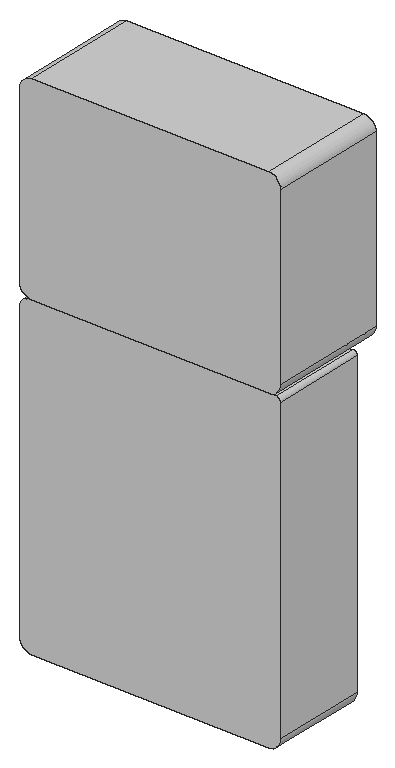
Revit family "Building-IEC309Boards-GEWISS-68QDIN-DISTRIBUTION-BOARD-10MOD_4SOCKET-OUTLETS", category Attrezzatura elettrica, host Muro, Revit 2016
Family settings
  Host = Muro
  Configurazione quadro = Due colonne, circuiti in orizzontale
  Tipo di parte = Pannello comandi
  Quota connettore circolare = Usa diametro
  Numero OmniClass = 23.80.30.11.17
  Titolo OmniClass = Distribution Boards and Control Panels
  Sempre verticale = Sì
  Taglio con vuoti quando caricato = No
  Condiviso = No
  Punto di calcolo locali = No
Parameters (values of type "GW68003N - Q-DIN 10M 4 FLANGES S.O.16/32A IP65")
  potenza = 400 V
  Voltaggio = "400V"
  Vista di pianta [instance] = yes
  Vetro = GEWISS - vetro
  Version type = "Empty"
  Version file RFA = "18.0"
  URL = "https://www.gewiss.com/ww/en"
  Thermo-pressure with ball = "70 °C"
  Technical sheet = "https://www.gewiss.com/ww/en/search?q=GW68003N"
  Struttura = GEWISS - Grigio RAL - 7035
  Simbolo [instance] = yes
  Shock resistance = "IK08"
  SEO = "Board"
  Realized by GEWISS S.p.A. = ""
  Produttore = "GEWISS S.p.A."
  Presa = GEWISS - Grigio RAL - 7035
  Operating temperature: = "-25 +40 °C"
  Offset etichetta nome quadro [instance] = 125 mm
  Numero di poli = 3
  Panel Name [instance] = "NOME"
  No. of provided blank lids = "1 IEC 309 16A+1 16/32A"
  No. of modules EN 50022 = "10"
  Modello = "GW68003N"
  Insulation class = "II"
  Installation type = "Surface-mounting"
  Immagine tipo = GW68003N.jpg
  IP degree = "IP65"
  IFC.TypeObject = ""
  IFC.ExportType = ""
  IFC.ExportAs = ""
  IDT = "5c934acf-8a0f-4a84-b3af-3ec691fdcb62"
  IDF = "68fd7d4e-4812-4623-803a-9a5a20fe433f"
  Houseable socket = "2 IEC 16A + 2 IEC 16/32A"
  H_da terra = 500 mm
  Glow Wire Test = "650°C"
  Electrocod = "2242"
  ETICHETTA NOME QUADRO [instance] = yes
  EAN code = "8011564744745"
  Distanza dal muro [instance] = 0 mm
  Dist_simbolo orizz. [instance] = 0 mm
  Dispersible power B (W) = "42"
  Dispersible power A (W) = "16"
  Descrizione = "Q-DIN 10M 4 FLANGES S.O.16/32A IP65"
  Cornice simbolo [instance] = no
  Colour = "Grey RAL 7035"
  Classificazione carico = Altro
  Catalogue Range = "68 QDIN"
  Catalogue = "BUILDING"
  Carico apparente = 0 VA
  COBie.Tagnumber = ""
  COBie.CreatedOn = ""
  COBie.CreatebBy = ""
  COBie.ComponentRegisterItemID = ""
  COBie.Component.TagNumber = ""
  COBie.Component.Space = ""
  COBie.Component.SerialNumber = ""
  COBie.Component.InstallationDate = ""
  COBie.Component.Description = ""
  COBie.Component.BarCode = ""
  Accordance with Standards = "EN 60208 - EN 60670-1 - IEC 60670-24"
Reference planes
  plane 1 "Muro": y = 0
  plane 2 "Centro (Sinistra/Destra)": x = 125
  plane 3 "Indietro": y = 75
  plane 4: z = 500
  plane 5: y = 200
  plane 6: x = 125
Lines and regions (mm)
  Masking region 1, visible <- "Vista di pianta"
    outline origin (0, 0, 0) x (1, 0, 0) y (0, 1, 0)
      loop
        line (15, 175) -> (15, 75) -> (235, 75) -> (235, 175) -> (15, 175)
  Masking region 2
    outline origin (125, 0, 0) x (0, 1, 0) y (0, 0, 1)
      loop
        line (175, 333) -> (175, 500) -> (75, 500) -> (75, 333) -> (175, 333)
  Masking region 3
    outline origin (125, 0, 0) x (0, 1, 0) y (0, 0, 1)
      loop
        line (75, 333) -> (75, 65) -> (155.196, 65) -> (155.196, 333) -> (75, 333)
Text (mm)
  text "Lato posizionamento" at (-1848.837, 1116.779, 0), in view "Livello rif."
  text "Lato posizionamento" at (0, 1409.804, 2854.306), in view "Sinistra"
  text "Lato posizionamento" at (0, 499.811, 2980.732), in view "Destra"
Dimensions and locks
  locked: plane 3 "Indietro" to host wall
  "H_da terra": level to plane 4
  "Dist_simbolo orizz.": plane 6 to plane 2 "Centro (Sinistra/Destra)"
  "Offset etichetta nome quadro": plane 5 to plane 3 "Indietro"
  aligned and locked: plane 1 "Muro" to host wall
  aligned and locked: nested 1 to plane 3 "Indietro"
  aligned and locked: plane 4 to nested 1
  aligned and locked: plane 6 to nested 3
  aligned and locked: nested 2 to plane 5
  aligned and locked: Masking region 1 sketch curve to nested 1  (x4)
  aligned and locked: Masking region 2 sketch curve to nested 1  (x3)
  aligned and locked: nested 1 to Masking region 2 sketch curve
  aligned and locked: Masking region 3 sketch curve to nested 1  (x2)
  aligned and locked: plane 2 "Centro (Sinistra/Destra)" to nested 2
  aligned and locked: plane 2 "Centro (Sinistra/Destra)" to nested 4
  aligned and locked: nested 4 to nested 1
  aligned and locked: plane 3 "Indietro" to nested 1
Automatic sketch dimensions
  host wall to Masking region 3 sketch curve = 80.196 mm
  Masking region 3 sketch curve to plane 4 = 167 mm
Nested families
  nested 1: "QDIN10 QUADRO  X 4 PRESE IND" at (125, 75, -521.883) x (-1, 0, 0) z (0, 0, 1), type "QDIN10 QUADRO  X 4 PRESE IND"
  nested 2: "NOME QUADRO" at (125, 200, 0), TXT <- "Panel Name", visible <- "ETICHETTA NOME QUADRO", type "NOME QUADRO"
    with TXT "NOME"
  nested 3: "CENTRALINO" at (125, 96.998, 0), BORDO ACCESO <- "Cornice simbolo", SIMBOLO ACCESO <- "Simbolo", Distanza dal muro <- "Distanza dal muro", type "CENTRALINO"
    with SIMBOLO ACCESO yes, Distanza dal muro 0 mm, BORDO ACCESO no
  nested 4: "2D - QDIN10 X4  PRESE IND" at (125, 0, 65) x (1, 0, 0) z (0, -1, 0), type "BIDIMENSIONALE"
Connectors
  electrical at (125, 115.098, 65), driven by "Numero di poli", driven by "potenza", driven by "Carico apparente"
    settings: on nested 1, index 1, voltage 400 V, apparent load 0 VA, apparent load phase1 0 VA, apparent load phase2 0 VA, apparent load phase3 0 VA, power factor 1, load classification "Altro", number of poles 3, system type 31, power factor state 1, is connector primary yes, connector utility no, sub classification motor no, connector description ""
Definition of nested family "QDIN10 QUADRO  X 4 PRESE IND"
  Parameters (values of type "QDIN10 QUADRO  X 4 PRESE IND")
    Vetro = none
    Struttura = none
    Spessore = 160 mm
    Default Elevation = 14 mm
    Presa = none
    Lunghezza = 220 mm
    IFC.TypeObject = ""
    IFC.ExportType = ""
    IFC.ExportAs = ""
    H_da terra = 586.883 mm
    COBie.CreatedOn = ""
    COBie.CreatebBy = ""
    COBie.ComponentRegisterItemID = ""
    COBie.Component.TagNumber = ""
    COBie.Component.Space = ""
    COBie.Component.SerialNumber = ""
    COBie.Component.InstallationDate = ""
    COBie.Component.Description = ""
    COBie.Component.BarCode = ""
    Altezza = 435 mm
  Reference planes
    plane 1 "Centro (Fronte/Retro)": y = 0
    plane 2: z = 0
    plane 3 "Centro (Sinistra/Destra)": x = 0
    plane 4 "s": y = -100
    plane 5: z = 586.883
    plane 6: z = 1021.883
    plane 7: x = -110
    plane 8: x = 110
    plane 9: z = 854.883
    plane 10: y = -80.196
    plane 11: z = 834.178
    plane 12: x = 95.006
    plane 13: z = 613.149
    plane 14: x = -95.006
    plane 15: x = -107.597
    plane 16: x = 107.589
    plane 17: z = 864.383
    plane 18: z = 983.347
    plane 19: y = -46.089
    plane 20: y = -87.126
    plane 21: x = 12.5
    plane 22: x = -12.5
    plane 23: z = 735.855
    plane 24: z = 713.097
  Forms (mm)
    Extrusion 1, solid, material <- "Struttura"
      sketch origin (0, 0, 0) x (1, 0, 0) y (0, 0, 1)
        loop
          arc (-100, 1021.883) -> (-107.071, 1018.954) -> (-110, 1011.883) r 10
          line (-110, 1011.883) -> (-110, 864.883)
          arc (-110, 864.883) -> (-107.071, 857.812) -> (-100, 854.883) r 10
          line (-100, 854.883) -> (100, 854.883)
          arc (100, 854.883) -> (107.071, 857.812) -> (110, 864.883) r 10
          line (110, 864.883) -> (110, 1011.883)
          arc (110, 1011.883) -> (107.071, 1018.954) -> (100, 1021.883) r 10
          line (100, 1021.883) -> (-100, 1021.883)
      from 0 to 100
    Extrusion 2, solid, material <- "Struttura"
      sketch origin (0, 0, 0) x (1, 0, 0) y (0, 0, 1)
        loop
          line (102.45, 854.883) -> (-106.38, 854.883)
          arc (-106.38, 854.883) -> (-108.94, 853.823) -> (-110, 851.263) r 3.62
          line (-110, 851.263) -> (-110, 596.883)
          arc (-110, 596.883) -> (-107.071, 589.812) -> (-100, 586.883) r 10
          line (-100, 586.883) -> (100, 586.883)
          arc (100, 586.883) -> (107.071, 589.812) -> (110, 596.883) r 10
          line (110, 596.883) -> (110, 847.333)
          arc (110, 847.333) -> (107.789, 852.672) -> (102.45, 854.883) r 7.55
      from 0 to 80.196
    Extrusion 3, void
      sketch origin (0, 0, 0) x (1, 0, 0) y (0, 0, 1)
        loop
          line (-107.597, 983.347) -> (-107.597, 864.383) -> (107.589, 864.383) -> (107.589, 983.347) -> (-107.597, 983.347)
      from 46.089 to 100
    Extrusion 4, solid, material <- "Vetro", detail levels fine
      sketch origin (0, 0, 0) x (1, 0, 0) y (0, 0, 1)
        loop
          line (-107.597, 983.347) -> (-107.597, 864.383) -> (107.589, 864.383) -> (107.589, 983.347) -> (-107.597, 983.347)
      from 87.126 to 100
    Extrusion 5, solid, detail levels fine
      sketch origin (0, 0, 0) x (1, 0, 0) y (0, 0, 1)
        loop
          line (-95.006, 834.178) -> (-95.006, 735.855) -> (-12.5, 735.855) -> (-12.5, 834.178) -> (-95.006, 834.178)
        loop
          line (12.5, 834.178) -> (12.5, 735.855) -> (95.006, 735.855) -> (95.006, 834.178) -> (12.5, 834.178)
        loop
          line (-95.006, 713.097) -> (-95.006, 613.149) -> (-12.5, 613.149) -> (-12.5, 713.097) -> (-95.006, 713.097)
        loop
          line (12.5, 713.097) -> (12.5, 613.149) -> (95.006, 613.149) -> (95.006, 713.097) -> (12.5, 713.097)
      from 80.196 to 87.126
  Cuts and joins
    Extrusion 3 cuts Extrusion 1
  Dimensions and locks
    plane 4 "s" to plane 1 "Centro (Fronte/Retro)" = 100 mm  (x2)
    "H_da terra": plane 5 to level
    equal spacing: plane 7, plane 3 "Centro (Sinistra/Destra)", plane 8
    "Lunghezza": plane 7 to plane 8
    locked: plane 4 "s" to plane 10 at 19.804
    locked: plane 12 to plane 8 at 14.994
    locked: plane 13 to plane 5 at 26.266
    locked: plane 14 to plane 7 at 14.994
    locked: plane 6 to plane 18 at 38.537
    locked: plane 17 to plane 9 at 9.5
    locked: plane 7 to plane 15 at 2.403
    locked: plane 16 to plane 8 at 2.411
    locked: plane 4 "s" to plane 19 at 53.911
    locked: plane 4 "s" to plane 20 at 12.874
    locked: plane 9 to plane 11 at 20.705
    "Altezza": plane 6 to plane 5
    locked: plane 18 to plane 17 at 118.963
    equal spacing: plane 21, plane 3 "Centro (Sinistra/Destra)", plane 22
    plane 21 to plane 22 = 25 mm
    locked: plane 23 to plane 24 at 22.758
    plane 5 to Extrusion 5 = 247.295 mm
    aligned and locked: level to plane 2
    aligned and locked: Extrusion 1 sketch curve to plane 6
    aligned and locked: Extrusion 1 sketch curve to plane 8
    aligned and locked: Extrusion 1 sketch curve to plane 7
    aligned and locked: plane 9 to Extrusion 1 sketch curve
    aligned and locked: Extrusion 1 to plane 4 "s"
    aligned and locked: Extrusion 2 sketch curve to plane 9
    aligned and locked: Extrusion 2 sketch curve to plane 8
    aligned and locked: Extrusion 2 sketch curve to plane 7
    aligned and locked: Extrusion 2 sketch curve to plane 5
    aligned and locked: Extrusion 2 to plane 10
    aligned and locked: Extrusion 3 sketch curve to plane 18
    aligned and locked: Extrusion 3 sketch curve to plane 16
    aligned and locked: Extrusion 3 sketch curve to plane 15
    aligned and locked: Extrusion 3 sketch curve to plane 17
    aligned and locked: plane 19 to cut or joined group of Extrusion 1, Extrusion 3
    aligned and locked: Extrusion 3 to plane 4 "s"
    aligned and locked: Extrusion 4 sketch curve to plane 18
    aligned and locked: Extrusion 4 sketch curve to plane 16
    aligned and locked: Extrusion 4 sketch curve to plane 17
    aligned and locked: Extrusion 4 sketch curve to plane 15
    aligned and locked: Extrusion 4 to plane 4 "s"
    aligned and locked: plane 20 to Extrusion 4
    aligned and locked: plane 12 to Extrusion 5
    aligned and locked: Extrusion 5 to plane 14
    aligned and locked: Extrusion 5 sketch curve to plane 22  (x2)
    aligned and locked: plane 21 to Extrusion 5 sketch curve
    aligned and locked: Extrusion 5 sketch curve to plane 11  (x2)
    aligned and locked: Extrusion 5 sketch curve to plane 23  (x2)
    aligned and locked: Extrusion 5 sketch curve to plane 24  (x2)
    aligned and locked: Extrusion 5 sketch curve to plane 13  (x2)
    aligned and locked: plane 10 to Extrusion 5
    aligned and locked: Extrusion 5 to plane 20
  Automatic sketch dimensions
    Extrusion 1 sketch curve to Extrusion 1 sketch curve = 10 mm  (x2)
    Extrusion 1 sketch curve to plane 7 = 10 mm
    plane 8 to Extrusion 1 sketch curve = 10 mm
    Extrusion 2 sketch curve to Extrusion 2 sketch curve = 3.62 mm
    Extrusion 2 sketch curve to plane 7 = 10 mm
    Extrusion 2 sketch curve to Extrusion 2 sketch curve = 10 mm
    plane 8 to Extrusion 2 sketch curve = 7.55 mm
    Extrusion 5 sketch curve to plane 15 = 12.591 mm
    Extrusion 5 sketch curve to plane 14 = 0 mm
    Extrusion 5 sketch curve to plane 21 = 0 mm
    plane 16 to Extrusion 5 sketch curve = 12.583 mm  (x2)
Definition of nested family "NOME QUADRO"
  Parameters (values of type "NOME QUADRO")
    TXT [instance] = ""
  Reference planes
    plane 1: y = 0
    plane 2: x = 0
  Text (mm)
    label "NOME QUADRO" at (0.217, 0.029, 0), shows "TXT"
Definition of nested family "CENTRALINO"
  Parameters (values of type "CENTRALINO")
    SIMBOLO ACCESO [instance] = yes
    Distanza dal muro [instance] = 0 mm
    BORDO ACCESO [instance] = yes
  Reference planes
    plane 1: y = 0
    plane 2: x = 0
  Dimensions and locks
    "Distanza dal muro": plane 1 to nested 1
    aligned and locked: plane 2 to nested 1
  Nested families
    nested 1: "CENTRALINO_BASE" at (0, 0, 0), BORDO ACCESO <- "BORDO ACCESO", visible <- "SIMBOLO ACCESO", type "CENTRALINO"
      with BORDO ACCESO yes
  Definition of nested family "CENTRALINO_BASE"
    Parameters (values of type "CENTRALINO")
      Distanza dal muro = 0 mm
      BORDO ACCESO [instance] = yes
    Reference planes
      plane 1: y = 0
      plane 2: x = 0
    Lines and regions (mm)
      detail lines, visible <- "BORDO ACCESO", not visible
        curve 1: line (-2.443, 10.208, 0) -> (2.057, 10.208, 0)
        curve 2: line (2.057, 10.208, 0) -> (2.057, 4.208, 0)
        curve 3: line (2.057, 4.208, 0) -> (-2.443, 4.208, 0)
        curve 4: line (-2.443, 4.208, 0) -> (-2.443, 10.208, 0)
        curve 5: line (-2.043, 9.808, 0) -> (1.657, 9.808, 0)
        curve 6: line (1.657, 9.808, 0) -> (1.657, 4.608, 0)
        curve 7: line (1.657, 4.608, 0) -> (-2.043, 4.608, 0)
        curve 8: line (-2.043, 4.608, 0) -> (-2.043, 9.808, 0)
      detail lines
        curve 9: line (0, 0.905, 0) -> (0, 0.235, 0)
        curve 10: line (0.659, 0.905, 0) -> (0.659, 1.564, 0)
        curve 11: line (0.659, 1.564, 0) -> (-0.659, 1.564, 0)
        curve 12: line (-0.659, 1.564, 0) -> (-0.659, 0.905, 0)
        curve 13: line (-0.659, 0.905, 0) -> (0.659, 0.905, 0)
        curve 14: line (0.497, 1.564, 0) -> (0.497, 2.235, 0)
        curve 15: line (0.167, 1.564, 0) -> (0.167, 2.235, 0)
        curve 16: line (-0.162, 1.564, 0) -> (-0.162, 2.235, 0)
        curve 17: line (-0.491, 1.564, 0) -> (-0.491, 2.235, 0)
Definition of nested family "2D - QDIN10 X4  PRESE IND"
  Reference planes
    plane 1 "Centro (Fronte/Retro)": y = 0
    plane 2: z = 0
    plane 3 "Centro (Sinistra/Destra)": x = 0
  Lines and regions (mm)
    model lines, in view "Livello rif."
      curve 1: line (-82.336, 234.778, 0) -> (-81.038, 234.43, 0)
      curve 2: line (-81.038, 234.43, 0) -> (-80.087, 233.48, 0)
      curve 3: line (-80.087, 233.48, 0) -> (-79.74, 232.182, 0)
      curve 4: line (-79.74, 232.182, 0) -> (-80.087, 230.884, 0)
      curve 5: line (-80.087, 230.884, 0) -> (-81.038, 229.933, 0)
      curve 6: line (-81.038, 229.933, 0) -> (-82.336, 229.585, 0)
      curve 7: line (-82.336, 229.585, 0) -> (-83.634, 229.933, 0)
      curve 8: line (-83.634, 229.933, 0) -> (-84.584, 230.884, 0)
      curve 9: line (-84.584, 230.884, 0) -> (-84.932, 232.182, 0)
      curve 10: line (-84.932, 232.182, 0) -> (-84.584, 233.48, 0)
      curve 11: line (-84.584, 233.48, 0) -> (-83.634, 234.43, 0)
      curve 12: line (-83.634, 234.43, 0) -> (-82.336, 234.778, 0)
      curve 13: line (-12.674, 153.516, 0) -> (-12.674, 234.251, 0)
      curve 14: line (-12.674, 234.251, 0) -> (-13.191, 236.914, 0)
      curve 15: line (-13.191, 236.914, 0) -> (-14.761, 239.288, 0)
      curve 16: line (-14.761, 239.288, 0) -> (-16.919, 240.767, 0)
      curve 17: line (-16.919, 240.767, 0) -> (-19.797, 241.375, 0)
      curve 18: line (-19.797, 241.375, 0) -> (-85.553, 241.375, 0)
      curve 19: line (-85.553, 241.375, 0) -> (-88.432, 240.767, 0)
      curve 20: line (-88.432, 240.767, 0) -> (-90.59, 239.288, 0)
      curve 21: line (-90.59, 239.288, 0) -> (-92.16, 236.914, 0)
      curve 22: line (-92.16, 236.914, 0) -> (-92.676, 234.251, 0)
      curve 23: line (-92.676, 234.251, 0) -> (-92.676, 153.516, 0)
      curve 24: line (-92.676, 153.516, 0) -> (-92.16, 150.854, 0)
      curve 25: line (-92.16, 150.854, 0) -> (-90.59, 148.48, 0)
      curve 26: line (-90.59, 148.48, 0) -> (-88.432, 147.001, 0)
      curve 27: line (-88.432, 147.001, 0) -> (-85.553, 146.393, 0)
      curve 28: line (-85.553, 146.393, 0) -> (-19.797, 146.393, 0)
      curve 29: line (-19.797, 146.393, 0) -> (-16.919, 147.001, 0)
      curve 30: line (-16.919, 147.001, 0) -> (-14.761, 148.48, 0)
      curve 31: line (-14.761, 148.48, 0) -> (-13.191, 150.854, 0)
      curve 32: line (-13.191, 150.854, 0) -> (-12.674, 153.516, 0)
      curve 33: line (102.291, 272.167, 0) -> (102.153, 271.436, 0)
      curve 34: line (102.153, 271.436, 0) -> (101.706, 270.752, 0)
      curve 35: line (101.706, 270.752, 0) -> (101.208, 270.389, 0)
      curve 36: line (101.208, 270.389, 0) -> (100.29, 270.168, 0)
      curve 37: line (100.29, 270.168, 0) -> (-100.29, 270.168, 0)
      curve 38: line (-100.29, 270.168, 0) -> (-101.208, 270.389, 0)
      curve 39: line (-101.208, 270.389, 0) -> (-101.706, 270.752, 0)
      curve 40: line (-101.706, 270.752, 0) -> (-102.153, 271.436, 0)
      curve 41: line (-102.153, 271.436, 0) -> (-102.291, 272.167, 0)
      curve 42: line (-102.291, 272.167, 0) -> (-102.291, 385.799, 0)
      curve 43: line (-102.291, 385.799, 0) -> (-102.153, 386.53, 0)
      curve 44: line (-102.153, 386.53, 0) -> (-101.706, 387.214, 0)
      curve 45: line (-101.706, 387.214, 0) -> (-101.208, 387.577, 0)
      curve 46: line (-101.208, 387.577, 0) -> (-100.291, 387.799, 0)
      curve 47: line (-100.291, 387.799, 0) -> (100.291, 387.799, 0)
      curve 48: line (100.291, 387.799, 0) -> (101.208, 387.577, 0)
      curve 49: line (101.208, 387.577, 0) -> (101.706, 387.214, 0)
      curve 50: line (101.706, 387.214, 0) -> (102.153, 386.53, 0)
      curve 51: line (102.153, 386.53, 0) -> (102.291, 385.799, 0)
      curve 52: line (-94.702, 0, 0) -> (94.702, 0, 0)
      curve 53: line (-90, 362.5, 0) -> (90, 362.5, 0)
      curve 54: line (90, 362.5, 0) -> (90, 317.5, 0)
      curve 55: line (90, 317.5, 0) -> (-90, 317.5, 0)
      curve 56: line (-90, 317.5, 0) -> (-90, 362.5, 0)
      curve 57: line (-102.291, 294.334, 0) -> (102.291, 294.334, 0)
      curve 58: line (102.291, 385.799, 0) -> (102.291, 272.167, 0)
      curve 59: line (95, 0, 0) -> (99.387, 0.656, 0)
      curve 60: line (99.387, 0.656, 0) -> (102.763, 2.165, 0)
      curve 61: line (102.763, 2.165, 0) -> (105.607, 4.393, 0)
      curve 62: line (105.607, 4.393, 0) -> (108.144, 7.773, 0)
      curve 63: line (108.144, 7.773, 0) -> (109.451, 10.981, 0)
      curve 64: line (109.451, 10.981, 0) -> (110, 15, 0)
      curve 65: line (110, 15, 0) -> (110, 420, 0)
      curve 66: line (110, 420, 0) -> (109.451, 424.019, 0)
      curve 67: line (109.451, 424.019, 0) -> (108.144, 427.227, 0)
      curve 68: line (108.144, 427.227, 0) -> (105.607, 430.607, 0)
      curve 69: line (105.607, 430.607, 0) -> (102.763, 432.835, 0)
      curve 70: line (102.763, 432.835, 0) -> (99.387, 434.344, 0)
      curve 71: line (99.387, 434.344, 0) -> (95, 435, 0)
      curve 72: line (95, 435, 0) -> (-95, 435, 0)
      curve 73: line (-95, 435, 0) -> (-99.387, 434.344, 0)
      curve 74: line (-99.387, 434.344, 0) -> (-102.763, 432.835, 0)
      curve 75: line (-102.763, 432.835, 0) -> (-105.607, 430.607, 0)
      curve 76: line (-105.607, 430.607, 0) -> (-108.144, 427.227, 0)
      curve 77: line (-108.144, 427.227, 0) -> (-109.451, 424.019, 0)
      curve 78: line (-109.451, 424.019, 0) -> (-110, 420, 0)
      curve 79: line (-110, 420, 0) -> (-110, 15, 0)
      curve 80: line (-110, 15, 0) -> (-109.451, 10.981, 0)
      curve 81: line (-109.451, 10.981, 0) -> (-108.144, 7.773, 0)
      curve 82: line (-108.144, 7.773, 0) -> (-105.607, 4.393, 0)
      curve 83: line (-105.607, 4.393, 0) -> (-102.763, 2.165, 0)
      curve 84: line (-102.763, 2.165, 0) -> (-99.387, 0.656, 0)
      curve 85: line (-99.387, 0.656, 0) -> (-95, 0, 0)
      curve 86: line (-23.014, 234.778, 0) -> (-24.313, 234.43, 0)
      curve 87: line (-24.313, 234.43, 0) -> (-25.263, 233.48, 0)
      curve 88: line (-25.263, 233.48, 0) -> (-25.611, 232.182, 0)
      curve 89: line (-25.611, 232.182, 0) -> (-25.263, 230.884, 0)
      curve 90: line (-25.263, 230.884, 0) -> (-24.313, 229.933, 0)
      curve 91: line (-24.313, 229.933, 0) -> (-23.014, 229.585, 0)
      curve 92: line (-23.014, 229.585, 0) -> (-21.716, 229.933, 0)
      curve 93: line (-21.716, 229.933, 0) -> (-20.766, 230.884, 0)
      curve 94: line (-20.766, 230.884, 0) -> (-20.418, 232.182, 0)
      curve 95: line (-20.418, 232.182, 0) -> (-20.766, 233.48, 0)
      curve 96: line (-20.766, 233.48, 0) -> (-21.716, 234.43, 0)
      curve 97: line (-21.716, 234.43, 0) -> (-23.014, 234.778, 0)
      curve 98: line (-82.336, 152.99, 0) -> (-81.038, 153.338, 0)
      curve 99: line (-81.038, 153.338, 0) -> (-80.087, 154.288, 0)
      curve 100: line (-80.087, 154.288, 0) -> (-79.74, 155.586, 0)
      curve 101: line (-79.74, 155.586, 0) -> (-80.087, 156.884, 0)
      curve 102: line (-80.087, 156.884, 0) -> (-81.038, 157.835, 0)
      curve 103: line (-81.038, 157.835, 0) -> (-82.336, 158.182, 0)
      curve 104: line (-82.336, 158.182, 0) -> (-83.634, 157.835, 0)
      curve 105: line (-83.634, 157.835, 0) -> (-84.584, 156.884, 0)
      curve 106: line (-84.584, 156.884, 0) -> (-84.932, 155.586, 0)
      curve 107: line (-84.932, 155.586, 0) -> (-84.584, 154.288, 0)
      curve 108: line (-84.584, 154.288, 0) -> (-83.634, 153.338, 0)
      curve 109: line (-83.634, 153.338, 0) -> (-82.336, 152.99, 0)
      curve 110: line (-23.014, 152.99, 0) -> (-24.313, 153.338, 0)
      curve 111: line (-24.313, 153.338, 0) -> (-25.263, 154.288, 0)
      curve 112: line (-25.263, 154.288, 0) -> (-25.611, 155.586, 0)
      curve 113: line (-25.611, 155.586, 0) -> (-25.263, 156.884, 0)
      curve 114: line (-25.263, 156.884, 0) -> (-24.313, 157.835, 0)
      curve 115: line (-24.313, 157.835, 0) -> (-23.014, 158.182, 0)
      curve 116: line (-23.014, 158.182, 0) -> (-21.716, 157.835, 0)
      curve 117: line (-21.716, 157.835, 0) -> (-20.766, 156.884, 0)
      curve 118: line (-20.766, 156.884, 0) -> (-20.418, 155.586, 0)
      curve 119: line (-20.418, 155.586, 0) -> (-20.766, 154.288, 0)
      curve 120: line (-20.766, 154.288, 0) -> (-21.716, 153.338, 0)
      curve 121: line (-21.716, 153.338, 0) -> (-23.014, 152.99, 0)
      curve 122: line (82.336, 234.778, 0) -> (81.038, 234.43, 0)
      curve 123: line (81.038, 234.43, 0) -> (80.087, 233.48, 0)
      curve 124: line (80.087, 233.48, 0) -> (79.74, 232.182, 0)
      curve 125: line (79.74, 232.182, 0) -> (80.087, 230.884, 0)
      curve 126: line (80.087, 230.884, 0) -> (81.038, 229.933, 0)
      curve 127: line (81.038, 229.933, 0) -> (82.336, 229.585, 0)
      curve 128: line (82.336, 229.585, 0) -> (83.634, 229.933, 0)
      curve 129: line (83.634, 229.933, 0) -> (84.584, 230.884, 0)
      curve 130: line (84.584, 230.884, 0) -> (84.932, 232.182, 0)
      curve 131: line (84.932, 232.182, 0) -> (84.584, 233.48, 0)
      curve 132: line (84.584, 233.48, 0) -> (83.634, 234.43, 0)
      curve 133: line (83.634, 234.43, 0) -> (82.336, 234.778, 0)
      curve 134: line (12.674, 153.516, 0) -> (12.674, 234.251, 0)
      curve 135: line (12.674, 234.251, 0) -> (13.191, 236.914, 0)
      curve 136: line (13.191, 236.914, 0) -> (14.761, 239.288, 0)
      curve 137: line (14.761, 239.288, 0) -> (16.919, 240.767, 0)
      curve 138: line (16.919, 240.767, 0) -> (19.797, 241.375, 0)
      curve 139: line (19.797, 241.375, 0) -> (85.553, 241.375, 0)
      curve 140: line (85.553, 241.375, 0) -> (88.432, 240.767, 0)
      curve 141: line (88.432, 240.767, 0) -> (90.59, 239.288, 0)
      curve 142: line (90.59, 239.288, 0) -> (92.16, 236.914, 0)
      curve 143: line (92.16, 236.914, 0) -> (92.676, 234.251, 0)
      curve 144: line (92.676, 234.251, 0) -> (92.676, 153.516, 0)
      curve 145: line (92.676, 153.516, 0) -> (92.16, 150.854, 0)
      curve 146: line (92.16, 150.854, 0) -> (90.59, 148.48, 0)
      curve 147: line (90.59, 148.48, 0) -> (88.432, 147.001, 0)
      curve 148: line (88.432, 147.001, 0) -> (85.553, 146.393, 0)
      curve 149: line (85.553, 146.393, 0) -> (19.797, 146.393, 0)
      curve 150: line (19.797, 146.393, 0) -> (16.919, 147.001, 0)
      curve 151: line (16.919, 147.001, 0) -> (14.761, 148.48, 0)
      curve 152: line (14.761, 148.48, 0) -> (13.191, 150.854, 0)
      curve 153: line (13.191, 150.854, 0) -> (12.674, 153.516, 0)
      curve 154: line (23.014, 234.778, 0) -> (24.313, 234.43, 0)
      curve 155: line (24.313, 234.43, 0) -> (25.263, 233.48, 0)
      curve 156: line (25.263, 233.48, 0) -> (25.611, 232.182, 0)
      curve 157: line (25.611, 232.182, 0) -> (25.263, 230.884, 0)
      curve 158: line (25.263, 230.884, 0) -> (24.313, 229.933, 0)
      curve 159: line (24.313, 229.933, 0) -> (23.014, 229.585, 0)
      curve 160: line (23.014, 229.585, 0) -> (21.716, 229.933, 0)
      curve 161: line (21.716, 229.933, 0) -> (20.766, 230.884, 0)
      curve 162: line (20.766, 230.884, 0) -> (20.418, 232.182, 0)
      curve 163: line (20.418, 232.182, 0) -> (20.766, 233.48, 0)
      curve 164: line (20.766, 233.48, 0) -> (21.716, 234.43, 0)
      curve 165: line (21.716, 234.43, 0) -> (23.014, 234.778, 0)
      curve 166: line (82.336, 152.99, 0) -> (81.038, 153.338, 0)
      curve 167: line (81.038, 153.338, 0) -> (80.087, 154.288, 0)
      curve 168: line (80.087, 154.288, 0) -> (79.74, 155.586, 0)
      curve 169: line (79.74, 155.586, 0) -> (80.087, 156.884, 0)
      curve 170: line (80.087, 156.884, 0) -> (81.038, 157.835, 0)
      curve 171: line (81.038, 157.835, 0) -> (82.336, 158.182, 0)
      curve 172: line (82.336, 158.182, 0) -> (83.634, 157.835, 0)
      curve 173: line (83.634, 157.835, 0) -> (84.584, 156.884, 0)
      curve 174: line (84.584, 156.884, 0) -> (84.932, 155.586, 0)
      curve 175: line (84.932, 155.586, 0) -> (84.584, 154.288, 0)
      curve 176: line (84.584, 154.288, 0) -> (83.634, 153.338, 0)
      curve 177: line (83.634, 153.338, 0) -> (82.336, 152.99, 0)
      curve 178: line (23.014, 152.99, 0) -> (24.313, 153.338, 0)
      curve 179: line (24.313, 153.338, 0) -> (25.263, 154.288, 0)
      curve 180: line (25.263, 154.288, 0) -> (25.611, 155.586, 0)
      curve 181: line (25.611, 155.586, 0) -> (25.263, 156.884, 0)
      curve 182: line (25.263, 156.884, 0) -> (24.313, 157.835, 0)
      curve 183: line (24.313, 157.835, 0) -> (23.014, 158.182, 0)
      curve 184: line (23.014, 158.182, 0) -> (21.716, 157.835, 0)
      curve 185: line (21.716, 157.835, 0) -> (20.766, 156.884, 0)
      curve 186: line (20.766, 156.884, 0) -> (20.418, 155.586, 0)
      curve 187: line (20.418, 155.586, 0) -> (20.766, 154.288, 0)
      curve 188: line (20.766, 154.288, 0) -> (21.716, 153.338, 0)
      curve 189: line (21.716, 153.338, 0) -> (23.014, 152.99, 0)
      curve 190: line (-82.336, 120.01, 0) -> (-81.038, 119.662, 0)
      curve 191: line (-81.038, 119.662, 0) -> (-80.087, 118.712, 0)
      curve 192: line (-80.087, 118.712, 0) -> (-79.74, 117.414, 0)
      curve 193: line (-79.74, 117.414, 0) -> (-80.087, 116.116, 0)
      curve 194: line (-80.087, 116.116, 0) -> (-81.038, 115.165, 0)
      curve 195: line (-81.038, 115.165, 0) -> (-82.336, 114.818, 0)
      curve 196: line (-82.336, 114.818, 0) -> (-83.634, 115.165, 0)
      curve 197: line (-83.634, 115.165, 0) -> (-84.584, 116.116, 0)
      curve 198: line (-84.584, 116.116, 0) -> (-84.932, 117.414, 0)
      curve 199: line (-84.932, 117.414, 0) -> (-84.584, 118.712, 0)
      curve 200: line (-84.584, 118.712, 0) -> (-83.634, 119.662, 0)
      curve 201: line (-83.634, 119.662, 0) -> (-82.336, 120.01, 0)
      curve 202: line (-12.674, 38.749, 0) -> (-12.674, 119.484, 0)
      curve 203: line (-12.674, 119.484, 0) -> (-13.191, 122.146, 0)
      curve 204: line (-13.191, 122.146, 0) -> (-14.761, 124.52, 0)
      curve 205: line (-14.761, 124.52, 0) -> (-16.919, 125.999, 0)
      curve 206: line (-16.919, 125.999, 0) -> (-19.797, 126.607, 0)
      curve 207: line (-19.797, 126.607, 0) -> (-85.553, 126.607, 0)
      curve 208: line (-85.553, 126.607, 0) -> (-88.432, 125.999, 0)
      curve 209: line (-88.432, 125.999, 0) -> (-90.59, 124.52, 0)
      curve 210: line (-90.59, 124.52, 0) -> (-92.16, 122.146, 0)
      curve 211: line (-92.16, 122.146, 0) -> (-92.676, 119.484, 0)
      curve 212: line (-92.676, 119.484, 0) -> (-92.676, 38.749, 0)
      curve 213: line (-92.676, 38.749, 0) -> (-92.16, 36.086, 0)
      curve 214: line (-92.16, 36.086, 0) -> (-90.59, 33.712, 0)
      curve 215: line (-90.59, 33.712, 0) -> (-88.432, 32.233, 0)
      curve 216: line (-88.432, 32.233, 0) -> (-85.553, 31.625, 0)
      curve 217: line (-85.553, 31.625, 0) -> (-19.797, 31.625, 0)
      curve 218: line (-19.797, 31.625, 0) -> (-16.919, 32.233, 0)
      curve 219: line (-16.919, 32.233, 0) -> (-14.761, 33.712, 0)
      curve 220: line (-14.761, 33.712, 0) -> (-13.191, 36.086, 0)
      curve 221: line (-13.191, 36.086, 0) -> (-12.674, 38.749, 0)
      curve 222: line (-23.014, 120.01, 0) -> (-24.313, 119.662, 0)
      curve 223: line (-24.313, 119.662, 0) -> (-25.263, 118.712, 0)
      curve 224: line (-25.263, 118.712, 0) -> (-25.611, 117.414, 0)
      curve 225: line (-25.611, 117.414, 0) -> (-25.263, 116.116, 0)
      curve 226: line (-25.263, 116.116, 0) -> (-24.313, 115.165, 0)
      curve 227: line (-24.313, 115.165, 0) -> (-23.014, 114.818, 0)
      curve 228: line (-23.014, 114.818, 0) -> (-21.716, 115.165, 0)
      curve 229: line (-21.716, 115.165, 0) -> (-20.766, 116.116, 0)
      curve 230: line (-20.766, 116.116, 0) -> (-20.418, 117.414, 0)
      curve 231: line (-20.418, 117.414, 0) -> (-20.766, 118.712, 0)
      curve 232: line (-20.766, 118.712, 0) -> (-21.716, 119.662, 0)
      curve 233: line (-21.716, 119.662, 0) -> (-23.014, 120.01, 0)
      curve 234: line (-82.336, 38.222, 0) -> (-81.038, 38.57, 0)
      curve 235: line (-81.038, 38.57, 0) -> (-80.087, 39.52, 0)
      curve 236: line (-80.087, 39.52, 0) -> (-79.74, 40.818, 0)
      curve 237: line (-79.74, 40.818, 0) -> (-80.087, 42.116, 0)
      curve 238: line (-80.087, 42.116, 0) -> (-81.038, 43.067, 0)
      curve 239: line (-81.038, 43.067, 0) -> (-82.336, 43.415, 0)
      curve 240: line (-82.336, 43.415, 0) -> (-83.634, 43.067, 0)
      curve 241: line (-83.634, 43.067, 0) -> (-84.584, 42.116, 0)
      curve 242: line (-84.584, 42.116, 0) -> (-84.932, 40.818, 0)
      curve 243: line (-84.932, 40.818, 0) -> (-84.584, 39.52, 0)
      curve 244: line (-84.584, 39.52, 0) -> (-83.634, 38.57, 0)
      curve 245: line (-83.634, 38.57, 0) -> (-82.336, 38.222, 0)
      curve 246: line (-23.014, 38.222, 0) -> (-24.313, 38.57, 0)
      curve 247: line (-24.313, 38.57, 0) -> (-25.263, 39.52, 0)
      curve 248: line (-25.263, 39.52, 0) -> (-25.611, 40.818, 0)
      curve 249: line (-25.611, 40.818, 0) -> (-25.263, 42.116, 0)
      curve 250: line (-25.263, 42.116, 0) -> (-24.313, 43.067, 0)
      curve 251: line (-24.313, 43.067, 0) -> (-23.014, 43.415, 0)
      curve 252: line (-23.014, 43.415, 0) -> (-21.716, 43.067, 0)
      curve 253: line (-21.716, 43.067, 0) -> (-20.766, 42.116, 0)
      curve 254: line (-20.766, 42.116, 0) -> (-20.418, 40.818, 0)
      curve 255: line (-20.418, 40.818, 0) -> (-20.766, 39.52, 0)
      curve 256: line (-20.766, 39.52, 0) -> (-21.716, 38.57, 0)
      curve 257: line (-21.716, 38.57, 0) -> (-23.014, 38.222, 0)
      curve 258: line (82.336, 120.01, 0) -> (81.038, 119.662, 0)
      curve 259: line (81.038, 119.662, 0) -> (80.087, 118.712, 0)
      curve 260: line (80.087, 118.712, 0) -> (79.74, 117.414, 0)
      curve 261: line (79.74, 117.414, 0) -> (80.087, 116.116, 0)
      curve 262: line (80.087, 116.116, 0) -> (81.038, 115.165, 0)
      curve 263: line (81.038, 115.165, 0) -> (82.336, 114.818, 0)
      curve 264: line (82.336, 114.818, 0) -> (83.634, 115.165, 0)
      curve 265: line (83.634, 115.165, 0) -> (84.584, 116.116, 0)
      curve 266: line (84.584, 116.116, 0) -> (84.932, 117.414, 0)
      curve 267: line (84.932, 117.414, 0) -> (84.584, 118.712, 0)
      curve 268: line (84.584, 118.712, 0) -> (83.634, 119.662, 0)
      curve 269: line (83.634, 119.662, 0) -> (82.336, 120.01, 0)
      curve 270: line (12.674, 38.749, 0) -> (12.674, 119.484, 0)
      curve 271: line (12.674, 119.484, 0) -> (13.191, 122.146, 0)
      curve 272: line (13.191, 122.146, 0) -> (14.761, 124.52, 0)
      curve 273: line (14.761, 124.52, 0) -> (16.919, 125.999, 0)
      curve 274: line (16.919, 125.999, 0) -> (19.797, 126.607, 0)
      curve 275: line (19.797, 126.607, 0) -> (85.553, 126.607, 0)
      curve 276: line (85.553, 126.607, 0) -> (88.432, 125.999, 0)
      curve 277: line (88.432, 125.999, 0) -> (90.59, 124.52, 0)
      curve 278: line (90.59, 124.52, 0) -> (92.16, 122.146, 0)
      curve 279: line (92.16, 122.146, 0) -> (92.676, 119.484, 0)
      curve 280: line (92.676, 119.484, 0) -> (92.676, 38.749, 0)
      curve 281: line (92.676, 38.749, 0) -> (92.16, 36.086, 0)
      curve 282: line (92.16, 36.086, 0) -> (90.59, 33.712, 0)
      curve 283: line (90.59, 33.712, 0) -> (88.432, 32.233, 0)
      curve 284: line (88.432, 32.233, 0) -> (85.553, 31.625, 0)
      curve 285: line (85.553, 31.625, 0) -> (19.797, 31.625, 0)
      curve 286: line (19.797, 31.625, 0) -> (16.919, 32.233, 0)
      curve 287: line (16.919, 32.233, 0) -> (14.761, 33.712, 0)
      curve 288: line (14.761, 33.712, 0) -> (13.191, 36.086, 0)
      curve 289: line (13.191, 36.086, 0) -> (12.674, 38.749, 0)
      curve 290: line (23.014, 120.01, 0) -> (24.313, 119.662, 0)
      curve 291: line (24.313, 119.662, 0) -> (25.263, 118.712, 0)
      curve 292: line (25.263, 118.712, 0) -> (25.611, 117.414, 0)
      curve 293: line (25.611, 117.414, 0) -> (25.263, 116.116, 0)
      curve 294: line (25.263, 116.116, 0) -> (24.313, 115.165, 0)
      curve 295: line (24.313, 115.165, 0) -> (23.014, 114.818, 0)
      curve 296: line (23.014, 114.818, 0) -> (21.716, 115.165, 0)
      curve 297: line (21.716, 115.165, 0) -> (20.766, 116.116, 0)
      curve 298: line (20.766, 116.116, 0) -> (20.418, 117.414, 0)
      curve 299: line (20.418, 117.414, 0) -> (20.766, 118.712, 0)
      curve 300: line (20.766, 118.712, 0) -> (21.716, 119.662, 0)
      curve 301: line (21.716, 119.662, 0) -> (23.014, 120.01, 0)
      curve 302: line (82.336, 38.222, 0) -> (81.038, 38.57, 0)
      curve 303: line (81.038, 38.57, 0) -> (80.087, 39.52, 0)
      curve 304: line (80.087, 39.52, 0) -> (79.74, 40.818, 0)
      curve 305: line (79.74, 40.818, 0) -> (80.087, 42.116, 0)
      curve 306: line (80.087, 42.116, 0) -> (81.038, 43.067, 0)
      curve 307: line (81.038, 43.067, 0) -> (82.336, 43.415, 0)
      curve 308: line (82.336, 43.415, 0) -> (83.634, 43.067, 0)
      curve 309: line (83.634, 43.067, 0) -> (84.584, 42.116, 0)
      curve 310: line (84.584, 42.116, 0) -> (84.932, 40.818, 0)
      curve 311: line (84.932, 40.818, 0) -> (84.584, 39.52, 0)
      curve 312: line (84.584, 39.52, 0) -> (83.634, 38.57, 0)
      curve 313: line (83.634, 38.57, 0) -> (82.336, 38.222, 0)
      curve 314: line (23.014, 38.222, 0) -> (24.313, 38.57, 0)
      curve 315: line (24.313, 38.57, 0) -> (25.263, 39.52, 0)
      curve 316: line (25.263, 39.52, 0) -> (25.611, 40.818, 0)
      curve 317: line (25.611, 40.818, 0) -> (25.263, 42.116, 0)
      curve 318: line (25.263, 42.116, 0) -> (24.313, 43.067, 0)
      curve 319: line (24.313, 43.067, 0) -> (23.014, 43.415, 0)
      curve 320: line (23.014, 43.415, 0) -> (21.716, 43.067, 0)
      curve 321: line (21.716, 43.067, 0) -> (20.766, 42.116, 0)
      curve 322: line (20.766, 42.116, 0) -> (20.418, 40.818, 0)
      curve 323: line (20.418, 40.818, 0) -> (20.766, 39.52, 0)
      curve 324: line (20.766, 39.52, 0) -> (21.716, 38.57, 0)
      curve 325: line (21.716, 38.57, 0) -> (23.014, 38.222, 0)
      curve 326: line (34.548, 288.056, 0) -> (31.168, 285.857, 0)
      curve 327: line (31.168, 285.857, 0) -> (28.166, 284.655, 0)
      curve 328: line (28.166, 284.655, 0) -> (25.591, 284.129, 0)
      curve 329: line (25.591, 284.129, 0) -> (22.866, 283.964, 0)
      curve 330: line (22.866, 283.964, 0) -> (9.776, 283.964, 0)
      curve 331: line (9.776, 283.964, 0) -> (8.737, 287.843, 0)
      curve 332: line (34.911, 290.746, 0) -> (36.453, 290.746, 0)
      curve 333: line (36.453, 290.746, 0) -> (36.736, 290.578, 0)
      curve 334: line (36.736, 290.578, 0) -> (34.548, 288.056, 0)
      curve 335: line (-34.548, 288.056, 0) -> (-31.168, 285.857, 0)
      curve 336: line (-31.168, 285.857, 0) -> (-28.166, 284.655, 0)
      curve 337: line (-28.166, 284.655, 0) -> (-25.591, 284.129, 0)
      curve 338: line (-25.591, 284.129, 0) -> (-22.866, 283.964, 0)
      curve 339: line (-22.866, 283.964, 0) -> (-9.776, 283.964, 0)
      curve 340: line (-9.776, 283.964, 0) -> (-8.737, 287.843, 0)
      curve 341: line (-34.911, 290.746, 0) -> (-36.453, 290.746, 0)
      curve 342: line (-36.453, 290.746, 0) -> (-36.736, 290.578, 0)
      curve 343: line (-36.736, 290.578, 0) -> (-34.548, 288.056, 0)
      curve 344: line (-34.911, 290.746, 0) -> (-35.366, 292.186, 0)
      curve 345: line (-35.366, 292.186, 0) -> (-35.366, 294.334, 0)
      curve 346: line (-35.366, 294.334, 0) -> (-35.366, 296.591, 0)
      curve 347: line (-35.366, 296.591, 0) -> (-34.165, 298.364, 0)
      curve 348: line (-34.165, 298.364, 0) -> (-32.353, 299.64, 0)
      curve 349: line (-32.353, 299.64, 0) -> (-29.596, 301.03, 0)
      curve 350: line (-29.596, 301.03, 0) -> (-26.704, 301.917, 0)
      curve 351: line (-26.704, 301.917, 0) -> (-24.338, 302.269, 0)
      curve 352: line (-24.338, 302.269, 0) -> (-22.866, 302.329, 0)
      curve 353: line (-22.866, 302.329, 0) -> (22.866, 302.329, 0)
      curve 354: line (22.866, 302.329, 0) -> (24.338, 302.269, 0)
      curve 355: line (24.338, 302.269, 0) -> (26.704, 301.917, 0)
      curve 356: line (26.704, 301.917, 0) -> (29.596, 301.03, 0)
      curve 357: line (29.596, 301.03, 0) -> (32.353, 299.64, 0)
      curve 358: line (32.353, 299.64, 0) -> (34.165, 298.364, 0)
      curve 359: line (34.165, 298.364, 0) -> (35.366, 296.591, 0)
      curve 360: line (35.366, 296.591, 0) -> (35.366, 294.334, 0)
      curve 361: line (35.366, 294.334, 0) -> (35.366, 292.186, 0)
      curve 362: line (35.366, 292.186, 0) -> (34.911, 290.746, 0)
      curve 363: line (0.01, 273.656, 0) -> (-4.782, 274.94, 0)
      curve 364: line (-4.782, 274.94, 0) -> (-8.289, 278.447, 0)
      curve 365: line (-8.289, 278.447, 0) -> (-9.573, 283.239, 0)
      curve 366: line (-9.573, 283.239, 0) -> (-8.289, 288.031, 0)
      curve 367: line (-8.289, 288.031, 0) -> (-4.782, 291.538, 0)
      curve 368: line (-4.782, 291.538, 0) -> (0.01, 292.822, 0)
      curve 369: line (0.01, 292.822, 0) -> (4.802, 291.538, 0)
      curve 370: line (4.802, 291.538, 0) -> (8.309, 288.031, 0)
      curve 371: line (8.309, 288.031, 0) -> (9.593, 283.239, 0)
      curve 372: line (9.593, 283.239, 0) -> (8.309, 278.447, 0)
      curve 373: line (8.309, 278.447, 0) -> (4.802, 274.94, 0)
      curve 374: line (4.802, 274.94, 0) -> (0.01, 273.656, 0)
